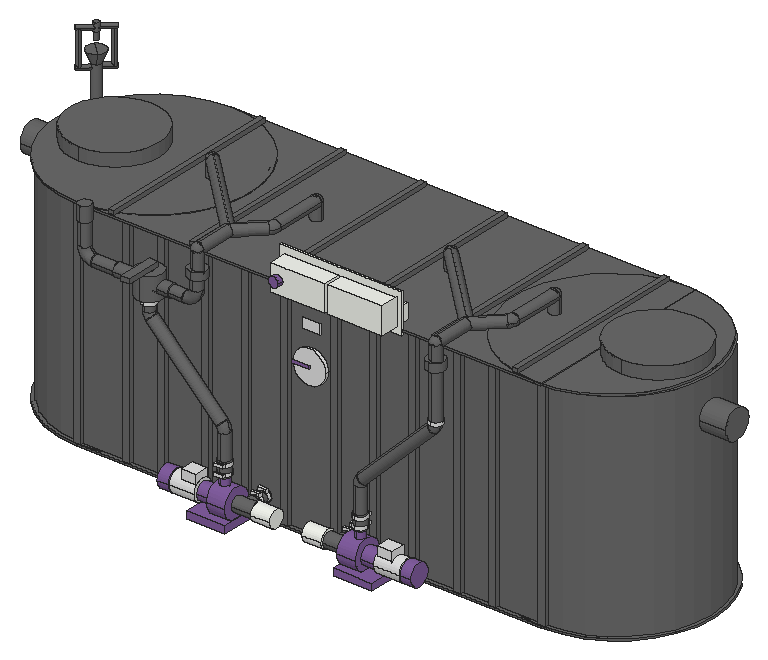
Revit family "93030.01_ms", category Generic Models, Revit 2021
Family settings
  Can host rebar = No
  Round Connector Dimension = Use Diameter
  Part Type = Normal
  Work Plane-Based = No
  Always vertical = Yes
  Cut with Voids When Loaded = No
  Shared = Yes
  Room Calculation Point = No
Parameters (values of type "93030.01_MS")
  SUPPLIER = "KESSEL"
  SA810ID03 = "93030.01/MS"
  SA71009ID06 = 3000 W
  SA71009ID05 = 3600 W
  SA71009ID04 = 2
  SA700ID17 = 1240 mm
  SA700ID14 = "ohne Angabe"
  SA700ID13 = 70 mm
  SA700ID09 = 1625 mm
  SA700ID08 = 1350 mm
  SA700ID07 = 4600 mm
  SA700ID06 = 3000
  SA700ID05 = 30
  SA700ID04 = "Grease separator EasyClean free NS 30, Mix & Pump"
  SA500ID03 = "Sludge trap, integrated"
  SA400ID03 = "PE (Polyethylen)"
  SA250ID03 = "temperierte Umhausung"
  SA200ID03 = "free-standing set-up"
  SA100ID04 = "Abscheideranlage für Fette (Schlammfang und Fettabscheider)"
  NN = "EasyClean free Mix & Pump grease separator"
  NBSYN = "$SA810ID03."
  NB = "93030.01/MS"
  Model = "93030.01/MS"
  Manufacturer = "KESSEL"
  MIdent = "{$CADENAS_DATA/23d-libs/kessel/kessel_vdi_import/40/abscheideranlage20fuer20fette/easyclean_free_mix_pump.prj},210 {STYP=ASS},{VTYP=3D},{NB=93030.01/MS},{LINA=93030.01/MS},{NN=EasyClean free Mix & Pump grease separator},{DATE=21.12.2022 12:04:43},{GEOMDATE=17.11.2022 09:57:07},{VERSION=},{LINEID=280},{WBVAR=},{WBNUMERIC=}  {NB=93030.01/MS},{LINA=93030.01/MS},{KT=DUMMY},{PREVIEW=../../bilder/pb_yy_9302001ms_7448.png},{SA700ID04=Fettabscheider EasyClean free NS 30, Mix & Pump},{SA810ID06=},{SA010ID04=KESSEL AG},{SA810ID03=93030.01/MS},{SA100ID04=Abscheideranlage für Fette (Schlammfang und Fettabscheider)},{SA200ID03=Freiaufstellung},{SA400ID03=PE (Polyethylen)},{SA500ID03=Schlammfang integriert},{SA700ID05=30.00},{SA700ID06=3000},{SA71009ID04=2},{SA71009ID05=3.60},{SA71009ID06=3.00},{SA250ID03=temperierte Umhausung},{SA700ID07=4600},{SA700ID09=1625},{SA700ID13=70},{SA700ID17=1240},{SA700ID08=1350},{SA810ID10=\\\"Der Abscheider für fetthaltiges Abwasser ist für die freie Aufstellung in frostgeschützten Räumen geeignetund verzichtet auf metallische Bauteile im Behälter. Der Sammelbehälter aus dauerhaft beständigem Kunststoff (PE) istmit einem integrierten Schlammfang ausgestattet und besitzt Schrägen im Behälterboden für eine schnelle und saubere Entsorgung. Zwei geruchsdichte Deckel mit Schnellspannverschlüssen ermöglichen einen einfachen Zugangfür Reinigungs- und Wartungsarbeiten.Das innovative Schredder-Mix-System mit integriertem Zerhacker übernimmt die Homogenisierung und Umwälzung des Behälterinhaltes. Die Reinigung und geruchsneutrale Entsorgung erfolgt dabei über eine außenliegende Pumpe mit 2-Wege-Ventil und Umschalthebel, die mit einem Absperrschieber vom Behälter getrennt werden kann.Die manuelle Steuerung erfolgt durch ein anwenderfreundliches Schaltgerät, das über einen potentialfreien Kontakt in die Gebäudeleittechnik eingebunden werden kann.Gewährleistung auf den Werkstoff PE 20 Jahre.Ausführung:Absperreinrichtung: jaEntsorgungsart: manuelles Entsorgungs- und ReinigungssystemEntsorgungseinrichtung: EntsorgungspumpeEntsorgungsvariante: Mix & PumpFülleinrichtung nach DIN 1988: jaNenngröße (NS): 30Schauglas: jaSchredder-Mix-System: jaSonicControl: neinWasserversorgung: 1 Schraubventil 1\\\"\\\"Tragfähigkeit (DIN 19901): F3Lieferumfang: Storz-B-Kupplung R 2 1/2 \\\"\\\" fürSaugwagenanschlussEinbausituation: freie AufstellungAllgemeine Merkmale:Material: PENorm: EN 1825: 2004, DIN 4040-100Abmessungen:Aufstellfläche Länge: 4.860 mmAufstellfläche Breite: 1.620 mmAufstellfläche Höhe: 1.655 mmEinbringmaß Länge: 4.600 mmEinbringmaß Breite: 1.350 mmEinbringmaß Höhe: 1.655 mmBehälter/Grundkörper:Zulauf Nennweite (DN): 250 mmZulauf Nennweite (DA): 250 mmAuslauf Nennweite (DN): 250Auslauf Nennweite (DA): 250Abstand Rohrsohle Zulauf zu Behälterboden: 1.240 mmAbstand Rohrsohle Auslauf zu Behälterboden: 1.170 mmAnschluss Zu-/Auslaufstutzen: PE-HD-Rohrenach DIN 19537, HT-Rohre nach DIN 19560, PP oder ASDruckabgang (DA): 75 mmDruckabgang (DN): 65 mmNenndruck (PN): 10Abdeckungsmerkmale:Abdeckungsart: DeckelAbdeckung Material: KunststoffAbdeckung Farbe: schwarzDichtheit: geruchsdichtVerriegelung: SchnellspannverschlussAbwasserinhalt:Abscheiderinhalt: 2.650 lGesamtvolumen: 5.650 lSchlammfanginhalt: 3.500 lSpeichermenge an Fett: 1.200 lFördereinrichtung:Pumpe: SPF 300 KE 2.0Anzahl Pumpen: 2Förderhöhe max.: 17 mFörderleistung max.: 60 m3/hBetriebsspannung: 400 VNetzfrequenz: 50 HzBetriebsart: S2 - 30 Min.Leistung P1: 3,6 kWLeistung P2: 3 kWDrehzahl: 2.850 U/minErforderliche Absicherung (Leitungsschutz):Absicherung über Schaltgerät 400 VFörderguttemperatur (dauerhaft) max.: 40 °CAnschlusstyp: DirektanschlussGewicht: 44 kgLaufrad Typ: Radiallaufrad mit ZerhackerLänge Netzanschlussleitung Pumpe: 5 mNennstrom: 6,2 ASchutzart Pumpe: IP 55Schutzklasse: ITyp Anschlussleitung Pumpe: H07RN-F 7G 1,5 mm2Temperaturüberwachung: integriertSteuerung:Schaltgerät: jaBetriebsspannung: 400 VNetzfrequenz: 50 HzSelbstdiagnosesystem (SDS): jaBatteriepufferung: neinMehrzeilige Displayanzeige: neinLogbuchfunktion: neinUSB-Schnittstelle: neinGSM-Schnittstelle: neinPotentialfreier Kontakt: jaErforderliche Absicherung (Leitungsschutz):3 x C 16 AErforderliche Absicherung (RCD): 30 mAMotorschutz Schalter: jaSchutzart Schaltgerät: IP 54\\\"},{SA700ID14=ohne Angabe},{LODLEVEL=0},{CATEGORY3AA=EasyClean free Auto Mix & Pump},{CATEGORY3AB=EasyClean free Mix & Pump},{CATEGORY3AC=},{CATEGORY3AD=},{CATEGORY3AE=},{CATEGORY3AF=},{BEZEICHNUNG=},{BREITE=0.0},{TIEFE=MIN},{HOEHE=MIN},{MASSE=MIN},{LOD_=0,'Low'},{LOD_DEU=0,'Low'},{LOD_3DB=93030.01/MS_0},{DNIN1=250},{DNIN2=10},{DNIN3=10},{DNIN4=10},{DNIN5=10},{DNIN6=10},{DNIN7=10},{DNOUT1=250},{DNOUT2=MIN},{ISD=100},{ISD2=10},{SA960ID03=107},{SA960ID04=3L},{SA960ID08=http://www.kessel.de/info?han=93030.01/MS},{SA010ID01=010},{SA010ID02=40},{SA010ID06=www.kessel.de},{SA010ID08=4026092000007},{SA100ID01=100},{SA100ID02=1},{SA740ID01=740},{SA200ID01=200},{SA200ID02=1},{SA250ID01=250},{SA250ID02=1},{SA400ID01=400},{SA400ID02=1},{SA500ID01=500},{SA500ID02=1},{SA700ID01=700},{SA700ID02=107},{SA700ID14_=0},{SA71009ID01=710.09},{SA71009ID02=1},{SA71009ID03=SPF 300 KE 2.0},{SA71009ID07=IP55},{SA71009ID08=1},{SA71009ID09=1},{SA71009ID10=60},{SA71009ID11=17},{SA810ID01=810},{SA810ID02=107},{SA810ID04=93030.01/MS},{SA810ID07=107},{SA810ID14=PCE},{LINK=http://www.kessel.de/info?han=93030.01/MS},{LINK_=http://www.kessel.de/info?han=93030.01/MS},{LINK_DEU=http://www.kessel.de/info?han=93030.01/MS},{LODLEVELVIS=Low}"
  LINK = "http://www.kessel.de/info?han=93030.01/MS"
  LINA = "93030.01/MS"
  Default Elevation = 0 mm
  CREATOR = "CADENAS GmbH"
  CATALOG = "KESSEL"
  BOMINFO = "LINA"
  ARTICLENO = "NB"
Reference planes
  plane 1 "Center (Front/Back)": y = 0
  plane 2: z = 0
  plane 3 "Center (Left/Right)": x = 0
Forms (mm)
  Extrusion 1, void
    sketch origin (385, 1769.7, 0) x (0, -0.57735, 0.816496) y (-1, 0, 0)
      loop
        line (-0.5, -0.5) -> (0.5, -0.5) -> (0.5, 0.5) -> (-0.5, 0.5) -> (-0.5, -0.5)
    from 0 to 1
Dimensions and locks
  aligned and locked: level to plane 2
Nested families
  nested 1: "93030.01_ms_content" at (0, 0, 0), type "93030.01_MS_Content"
  nested 2: "93030.01_ms_part1_X0Y0" at (0, 0, 0), type "93030.01_MS_PART1_X0Y0"
Connectors
  piping at (-2480, 0, 1340), diameter 250
    settings: on nested 2, index 1, connector inside diameter 609.6 mm, connector length 0 mm, flow factor 0, pipe flow 0.0 L/s, pressure drop 0.0 Pa, fitting loss kfactor 0, connector angle 0.00°, fixture units 0, engagement length 0 mm, angle of deflection 0.00°, flow configuration 0, flow direction 1, fitting loss method 2, system type 8, joint type 0, gender type 0, connector reference index -1, connector utility 0, adjustable connector no, is connector primary yes, connector description ""
  piping at (-2336, 385, 1940.25), diameter 10
    settings: on nested 2, index 2, connector inside diameter 609.6 mm, connector length 0 mm, flow factor 0, pipe flow 0.0 L/s, pressure drop 0.0 Pa, fitting loss kfactor 0, connector angle 0.00°, fixture units 0, engagement length 0 mm, angle of deflection 0.00°, flow configuration 0, flow direction 1, fitting loss method 2, system type 8, joint type 0, gender type 0, connector reference index -1, connector utility 0, adjustable connector no, is connector primary no, connector description ""
  piping at (385, 1769.7, 0), diameter 10
    settings: on Extrusion 1, index 3, connector inside diameter 609.6 mm, connector length 0 mm, flow factor 0, pipe flow 0.0 L/s, pressure drop 0.0 Pa, fitting loss kfactor 0, connector angle 0.00°, fixture units 0, engagement length 0 mm, angle of deflection 0.00°, flow configuration 0, flow direction 1, fitting loss method 2, system type 8, joint type 0, gender type 0, connector reference index -1, connector utility 0, adjustable connector no, is connector primary no, connector description ""
  piping at (2453.5, 0, 1270), diameter 250
    settings: on nested 2, index 4, connector inside diameter 609.6 mm, connector length 0 mm, flow factor 0, pipe flow 0.0 L/s, pressure drop 0.0 Pa, fitting loss kfactor 0, connector angle 0.00°, fixture units 0, engagement length 0 mm, angle of deflection 0.00°, flow configuration 0, flow direction 2, fitting loss method 2, system type 7, joint type 0, gender type 0, connector reference index -1, connector utility 0, adjustable connector no, is connector primary no, connector description ""
  electrical at (686.853, -819.5, 248.5)
    settings: on nested 2, index 5, voltage 0 V, apparent load 0 VA, apparent load phase1 0 VA, apparent load phase2 0 VA, apparent load phase3 0 VA, power factor 1, load classification "Other", number of poles 1, system type 31, power factor state 1, is connector primary yes, connector utility no, sub classification motor no, connector description ""
  electrical at (-686.503, -820.5, 248.5)
    settings: on nested 2, index 6, voltage 0 V, apparent load 0 VA, apparent load phase1 0 VA, apparent load phase2 0 VA, apparent load phase3 0 VA, power factor 1, load classification "Other", number of poles 1, system type 31, power factor state 1, is connector primary no, connector utility no, sub classification motor no, connector description ""
Definition of nested family "93030.01_ms_part1_X0Y0"
  Parameters (values of type "93030.01_MS_PART1_X0Y0")
    SUPPLIER = "KESSEL"
    SA810ID03 = "93030.01/MS"
    SA71009ID06 = 3000 W
    SA71009ID05 = 3600 W
    SA71009ID04 = 2
    SA700ID17 = 1240 mm
    SA700ID14 = "ohne Angabe"
    SA700ID13 = 70 mm
    SA700ID09 = 1625 mm
    SA700ID08 = 1350 mm
    SA700ID07 = 4600 mm
    SA700ID06 = 3000
    SA700ID05 = 30
    SA700ID04 = "Grease separator EasyClean free NS 30, Mix & Pump"
    SA500ID03 = "Sludge trap, integrated"
    SA400ID03 = "PE (Polyethylen)"
    SA250ID03 = "temperierte Umhausung"
    SA200ID03 = "free-standing set-up"
    SA100ID04 = "Abscheideranlage für Fette (Schlammfang und Fettabscheider)"
    NBSYN = "$SA810ID03._PART1"
    NB = "93030.01/MS_PART1"
    Model = "93030.01/MS_PART1"
    Manufacturer = "KESSEL"
    MIdent = "{$CADENAS_DATA/23d-libs/kessel/kessel_vdi_import/40/abscheideranlage20fuer20fette/easyclean_free_mix_pump.prj},230 {VTYP=3D},{NB=93030.01/MS_PART1},{LINA=93030.01/MS_PART1},{NN=EasyClean free Mix & Pump grease separator_PART1},{NOPRJ=TRUE},{DATE=21.12.2022 12:04:43},{GEOMDATE=17.11.2022 09:57:07},{VERSION=},{LINEID=280},{WBVAR=},{WBNUMERIC=}  {NB=93030.01/MS_PART1},{LINA=93030.01/MS_PART1},{KT=DUMMY},{PREVIEW=../../bilder/pb_yy_9302001ms_7448.png},{SA700ID04=Fettabscheider EasyClean free NS 30, Mix & Pump},{SA810ID06=},{SA010ID04=KESSEL AG},{SA810ID03=93030.01/MS},{SA100ID04=Abscheideranlage für Fette (Schlammfang und Fettabscheider)},{SA200ID03=Freiaufstellung},{SA400ID03=PE (Polyethylen)},{SA500ID03=Schlammfang integriert},{SA700ID05=30.00},{SA700ID06=3000},{SA71009ID04=2},{SA71009ID05=3.60},{SA71009ID06=3.00},{SA250ID03=temperierte Umhausung},{SA700ID07=4600},{SA700ID09=1625},{SA700ID13=70},{SA700ID17=1240},{SA700ID08=1350},{SA810ID10=\\\"Der Abscheider für fetthaltiges Abwasser ist für die freie Aufstellung in frostgeschützten Räumen geeignetund verzichtet auf metallische Bauteile im Behälter. Der Sammelbehälter aus dauerhaft beständigem Kunststoff (PE) istmit einem integrierten Schlammfang ausgestattet und besitzt Schrägen im Behälterboden für eine schnelle und saubere Entsorgung. Zwei geruchsdichte Deckel mit Schnellspannverschlüssen ermöglichen einen einfachen Zugangfür Reinigungs- und Wartungsarbeiten.Das innovative Schredder-Mix-System mit integriertem Zerhacker übernimmt die Homogenisierung und Umwälzung des Behälterinhaltes. Die Reinigung und geruchsneutrale Entsorgung erfolgt dabei über eine außenliegende Pumpe mit 2-Wege-Ventil und Umschalthebel, die mit einem Absperrschieber vom Behälter getrennt werden kann.Die manuelle Steuerung erfolgt durch ein anwenderfreundliches Schaltgerät, das über einen potentialfreien Kontakt in die Gebäudeleittechnik eingebunden werden kann.Gewährleistung auf den Werkstoff PE 20 Jahre.Ausführung:Absperreinrichtung: jaEntsorgungsart: manuelles Entsorgungs- und ReinigungssystemEntsorgungseinrichtung: EntsorgungspumpeEntsorgungsvariante: Mix & PumpFülleinrichtung nach DIN 1988: jaNenngröße (NS): 30Schauglas: jaSchredder-Mix-System: jaSonicControl: neinWasserversorgung: 1 Schraubventil 1\\\"\\\"Tragfähigkeit (DIN 19901): F3Lieferumfang: Storz-B-Kupplung R 2 1/2 \\\"\\\" fürSaugwagenanschlussEinbausituation: freie AufstellungAllgemeine Merkmale:Material: PENorm: EN 1825: 2004, DIN 4040-100Abmessungen:Aufstellfläche Länge: 4.860 mmAufstellfläche Breite: 1.620 mmAufstellfläche Höhe: 1.655 mmEinbringmaß Länge: 4.600 mmEinbringmaß Breite: 1.350 mmEinbringmaß Höhe: 1.655 mmBehälter/Grundkörper:Zulauf Nennweite (DN): 250 mmZulauf Nennweite (DA): 250 mmAuslauf Nennweite (DN): 250Auslauf Nennweite (DA): 250Abstand Rohrsohle Zulauf zu Behälterboden: 1.240 mmAbstand Rohrsohle Auslauf zu Behälterboden: 1.170 mmAnschluss Zu-/Auslaufstutzen: PE-HD-Rohrenach DIN 19537, HT-Rohre nach DIN 19560, PP oder ASDruckabgang (DA): 75 mmDruckabgang (DN): 65 mmNenndruck (PN): 10Abdeckungsmerkmale:Abdeckungsart: DeckelAbdeckung Material: KunststoffAbdeckung Farbe: schwarzDichtheit: geruchsdichtVerriegelung: SchnellspannverschlussAbwasserinhalt:Abscheiderinhalt: 2.650 lGesamtvolumen: 5.650 lSchlammfanginhalt: 3.500 lSpeichermenge an Fett: 1.200 lFördereinrichtung:Pumpe: SPF 300 KE 2.0Anzahl Pumpen: 2Förderhöhe max.: 17 mFörderleistung max.: 60 m3/hBetriebsspannung: 400 VNetzfrequenz: 50 HzBetriebsart: S2 - 30 Min.Leistung P1: 3,6 kWLeistung P2: 3 kWDrehzahl: 2.850 U/minErforderliche Absicherung (Leitungsschutz):Absicherung über Schaltgerät 400 VFörderguttemperatur (dauerhaft) max.: 40 °CAnschlusstyp: DirektanschlussGewicht: 44 kgLaufrad Typ: Radiallaufrad mit ZerhackerLänge Netzanschlussleitung Pumpe: 5 mNennstrom: 6,2 ASchutzart Pumpe: IP 55Schutzklasse: ITyp Anschlussleitung Pumpe: H07RN-F 7G 1,5 mm2Temperaturüberwachung: integriertSteuerung:Schaltgerät: jaBetriebsspannung: 400 VNetzfrequenz: 50 HzSelbstdiagnosesystem (SDS): jaBatteriepufferung: neinMehrzeilige Displayanzeige: neinLogbuchfunktion: neinUSB-Schnittstelle: neinGSM-Schnittstelle: neinPotentialfreier Kontakt: jaErforderliche Absicherung (Leitungsschutz):3 x C 16 AErforderliche Absicherung (RCD): 30 mAMotorschutz Schalter: jaSchutzart Schaltgerät: IP 54\\\"},{SA700ID14=ohne Angabe},{LODLEVEL=0},{CATEGORY3AA=EasyClean free Auto Mix & Pump},{CATEGORY3AB=EasyClean free Mix & Pump},{CATEGORY3AC=},{CATEGORY3AD=},{CATEGORY3AE=},{CATEGORY3AF=},{BEZEICHNUNG=},{BREITE=0.0},{TIEFE=MIN},{HOEHE=MIN},{MASSE=MIN},{LOD_=0,'Low'},{LOD_DEU=0,'Low'},{LOD_3DB=93030.01/MS_0},{DNIN1=250},{DNIN2=10},{DNIN3=10},{DNIN4=10},{DNIN5=10},{DNIN6=10},{DNIN7=10},{DNOUT1=250},{DNOUT2=MIN},{ISD=100},{ISD2=10},{SA960ID03=107},{SA960ID04=3L},{SA960ID08=http://www.kessel.de/info?han=93030.01/MS},{SA010ID01=010},{SA010ID02=40},{SA010ID06=www.kessel.de},{SA010ID08=4026092000007},{SA100ID01=100},{SA100ID02=1},{SA740ID01=740},{SA200ID01=200},{SA200ID02=1},{SA250ID01=250},{SA250ID02=1},{SA400ID01=400},{SA400ID02=1},{SA500ID01=500},{SA500ID02=1},{SA700ID01=700},{SA700ID02=107},{SA700ID14_=0},{SA71009ID01=710.09},{SA71009ID02=1},{SA71009ID03=SPF 300 KE 2.0},{SA71009ID07=IP55},{SA71009ID08=1},{SA71009ID09=1},{SA71009ID10=60},{SA71009ID11=17},{SA810ID01=810},{SA810ID02=107},{SA810ID04=93030.01/MS},{SA810ID07=107},{SA810ID14=PCE},{LINK=http://www.kessel.de/info?han=93030.01/MS},{LINK_=http://www.kessel.de/info?han=93030.01/MS},{LINK_DEU=http://www.kessel.de/info?han=93030.01/MS},{LODLEVELVIS=Low}"
    LINK = "http://www.kessel.de/info?han=93030.01/MS"
    LINA = "93030.01/MS_PART1"
    Default Elevation = 1219.2 mm
    CREATOR = "CADENAS GmbH"
    CATALOG = "KESSEL"
    BOMINFO = "LINA"
    ARTICLENO = "NB"
  Reference planes
    plane 1 "Center (Front/Back)": y = 0
    plane 2: z = 0
    plane 3 "Center (Left/Right)": x = 0
  Dimensions and locks
    aligned and locked: level to plane 2
  Nested families
    nested 1: "93030.01_ms_part1_content" at (0, 0, 0), type "93030.01_MS_PART1_Content"
  Definition of nested family "93030.01_ms_part1_content"
    Parameters (values of type "93030.01_MS_PART1_Content")
      SUPPLIER = "KESSEL"
      SA810ID03 = "93030.01/MS"
      SA71009ID06 = 3000 W
      SA71009ID05 = 3600 W
      SA71009ID04 = 2
      SA700ID17 = 1240 mm
      SA700ID14 = "ohne Angabe"
      SA700ID13 = 70 mm
      SA700ID09 = 1625 mm
      SA700ID08 = 1350 mm
      SA700ID07 = 4600 mm
      SA700ID06 = 3000
      SA700ID05 = 30
      SA700ID04 = "Grease separator EasyClean free NS 30, Mix & Pump"
      SA500ID03 = "Sludge trap, integrated"
      SA400ID03 = "PE (Polyethylen)"
      SA250ID03 = "temperierte Umhausung"
      SA200ID03 = "free-standing set-up"
      SA100ID04 = "Abscheideranlage für Fette (Schlammfang und Fettabscheider)"
      NBSYN = "$SA810ID03._PART1"
      NB = "93030.01/MS_PART1"
      Model = "93030.01/MS_PART1"
      Manufacturer = "KESSEL"
      LINK = "http://www.kessel.de/info?han=93030.01/MS"
      LINA = "93030.01/MS_PART1"
      Default Elevation = 1219.2 mm
      CREATOR = "CADENAS GmbH"
      CATALOG = "KESSEL"
      BOMINFO = "LINA"
      ARTICLENO = "NB"
    Reference planes
      plane 1 "Center (Front/Back)": y = 0
      plane 2: z = 0
      plane 3 "Center (Left/Right)": x = 0
    Forms (mm)
      Extrusion 1, solid, detail levels medium+fine
        sketch origin (1625, 675, 0) x (0, -1, 0) y (0, 0, 1)
          loop
            line (0, 12) -> (0, 0) -> (1350, 0) -> (1350, 12) -> (0, 12)
        from 0 to 3250
      Extrusion 2, solid, detail levels medium+fine
        sketch origin (1625, 650, 12) x (0, -1, 0) y (0, 0, 1)
          loop
            line (0, 1503) -> (0, 0) -> (1300, 0) -> (1300, 1503) -> (0, 1503)
        from 0 to 3250
      Extrusion 3, solid, detail levels medium+fine
        sketch origin (150, -675, 12) x (0, 1, 0) y (0, 0, 1)
          loop
            line (0, 1503) -> (0, 0) -> (25, 0) -> (25, 1503) -> (0, 1503)
        from 0 to 50
      Extrusion 4, solid, detail levels medium+fine
        sketch origin (150, 650, 12) x (0, 1, 0) y (0, 0, 1)
          loop
            line (0, 1503) -> (0, 0) -> (25, 0) -> (25, 1503) -> (0, 1503)
        from 0 to 50
      Extrusion 5, solid, detail levels medium+fine
        sketch origin (-150, 675, 12) x (0, -1, 0) y (0, 0, 1)
          loop
            line (0, 1503) -> (0, 0) -> (25, 0) -> (25, 1503) -> (0, 1503)
        from 0 to 50
      Extrusion 6, solid, detail levels medium+fine
        sketch origin (-150, -650, 12) x (0, -1, 0) y (0, 0, 1)
          loop
            line (0, 1503) -> (0, 0) -> (25, 0) -> (25, 1503) -> (0, 1503)
        from 0 to 50
      Extrusion 7, solid, detail levels medium+fine
        sketch origin (0, -650, 1060) x (1, 0, 0) y (0, 0, 1)
          loop
            circle (0, 0) r 115
        from 0 to 20
      Extrusion 8, solid, detail levels medium+fine
        sketch origin (0, -670, 1050) x (0, -1, 0) y (0, 0, 1)
          loop
            line (0, 20) -> (0, 0) -> (5, 0) -> (5, 20) -> (0, 20)
        from 0 to 117
      Extrusion 9, solid, detail levels medium+fine
        sketch origin (1625, 675, 1515) x (0, -1, 0) y (0, 0, 1)
          loop
            line (0, 12) -> (0, 0) -> (1350, 0) -> (1350, 12) -> (0, 12)
        from 0 to 3250
      Extrusion 10, solid, detail levels medium+fine
        sketch origin (-282.5, -660, 1552) x (1, 0, 0) y (0, -1, 0)
          loop
            line (35, 0) -> (0, 0) -> (0, -1320) -> (35, -1320) -> (35, 0)
        from 0 to 35
      Extrusion 11, solid, detail levels medium+fine
        sketch origin (282.5, -660, 1552) x (1, 0, 0) y (0, -1, 0)
          loop
            line (35, 0) -> (0, 0) -> (0, -1320) -> (35, -1320) -> (35, 0)
        from 0 to 35
      Revolve 12, solid, detail levels medium+fine
        sketch origin (440.5, 15.15, 1633) x (-1, 0, 0) y (0, 0, -1)
          loop
            line (0, 150) -> (0, -37.5)
            arc (0, -37.5) -> (26.517, -26.517) -> (37.5, 0) r 37.5
            line (37.5, 0) -> (37.5, 150) -> (0, 150)
          axis (0, -37.5) -> (0, 150)
        angle from -360 to 0
      Extrusion 13, solid, detail levels medium+fine
        sketch origin (1002.603, -549, 1633) x (0, 0, 1) y (0.707107, 0.707107, 0)
          loop
            circle (0, 0) r 37.5
        from 0 to 795
      Extrusion 14, solid, detail levels medium+fine
        sketch origin (591, -663, 1485) x (0, 1, 0) y (0, 0, 1)
          loop
            line (0, 145) -> (0, 0) -> (100, 0) -> (100, 145) -> (0, 145)
        from 0 to 12
      Extrusion 15, solid, detail levels medium+fine
        sketch origin (650, -663, 1485) x (0, -1, 0) y (0, 0, 1)
          loop
            line (0, 280) -> (0, 0) -> (15, 0) -> (15, 280) -> (0, 280)
        from 0 to 849.2
      Extrusion 16, solid, detail levels medium+fine
        sketch origin (212, -675, 1533) x (0, -1, 0) y (0, 0, 1)
          loop
            line (0, 183) -> (0, 0) -> (129.5, 0) -> (129.5, 183) -> (0, 183)
        from 0 to 378
      Extrusion 17, solid, detail levels medium+fine
        sketch origin (-82, -742.5, 1511) x (0, 1, 0) y (-1, 0, 0)
          loop
            circle (0, 0) r 15
        from 0 to 22
      Extrusion 18, solid, detail levels medium+fine
        sketch origin (-115.998, -804.5, 1624.5) x (1, 0, 0) y (0, 0, 1)
          loop
            circle (0, 0) r 33.5
        from 0 to 36
      Extrusion 19, solid, detail levels medium+fine
        sketch origin (-127, -742.5, 1511) x (0, 1, 0) y (-1, 0, 0)
          loop
            circle (0, 0) r 15
        from 0 to 22
      Extrusion 20, solid, detail levels medium+fine
        sketch origin (616, -675, 1533) x (0, -1, 0) y (0, 0, 1)
          loop
            line (0, 183) -> (0, 0) -> (129.5, 0) -> (129.5, 183) -> (0, 183)
        from 0 to 378
      Extrusion 21, solid, detail levels medium+fine
        sketch origin (-141, -663, 1485) x (0, 1, 0) y (0, 0, 1)
          loop
            line (0, 145) -> (0, 0) -> (100, 0) -> (100, 145) -> (0, 145)
        from 0 to 12
      Extrusion 22, solid, detail levels medium+fine
        sketch origin (1002.603, -549, 1633) x (0, 0, 1) y (0.707107, -0.707107, 0)
          loop
            circle (0, 0) r 37.5
        from 0 to 219
      Revolve 23, solid, detail levels medium+fine
        sketch origin (1157.4, -394.15, 1633) x (-0.707107, 0.707107, 0) y (0, 0, 1)
          loop
            circle (0, 0) r 37
          axis (60, 0) -> (60, -1)
        angle from -45 to 0
      Extrusion 24, solid, detail levels medium+fine
        sketch origin (1002.603, -820, 1633) x (0, 0, -1) y (-1, 0, 0)
          loop
            circle (0, 0) r 37.5
        from 0 to 271
      Revolve 25, solid, detail levels medium+fine
        sketch origin (1002.5, -820, 1633) x (0, -1, 0) y (1, 0, 0)
          loop
            line (0, 37.5) -> (0, -37.5)
            arc (0, -37.5) -> (37.5, 0) -> (0, 37.5) r 37.5
          axis (0, -37.5) -> (0, 37.5)
        angle from -360 to 0
      Extrusion 26, solid, detail levels medium+fine
        sketch origin (1002.5, -820, 1137.3) x (0, -1, 0) y (1, 0, 0)
          loop
            circle (0, 0) r 37.5
        from 0 to 495.7
      Extrusion 27, solid, detail levels medium+fine
        sketch origin (1002.5, -820, 1474.603) x (0, -1, 0) y (1, 0, 0)
          loop
            circle (0, 0) r 60
        from 0 to 55
      Extrusion 28, solid, detail levels medium+fine
        sketch origin (1002.5, -820, 1129.853) x (0, -1, 0) y (1, 0, 0)
          loop
            circle (0, 0) r 45
        from 0 to 20
      Revolve 29, solid, detail levels medium+fine
        sketch origin (984.926, -820, 1094.926) x (-0.707107, 0, 0.707107) y (0, -1, 0)
          loop
            circle (0, 0) r 37.5
          axis (60, 0) -> (60, -1)
        angle from -45 to 0
      Extrusion 30, solid, detail levels medium+fine
        sketch origin (492.427, -820, 602.426) x (0.5, 0.707107, -0.5) y (-0.5, 0.707107, 0.5)
          loop
            circle (0, 0) r 37.5
        from 0 to 696.5
      Revolve 31, solid, detail levels medium+fine
        sketch origin (474.853, -820, 560) x (1, 0, 0) y (0, 1, 0)
          loop
            circle (0, 0) r 37.5
          axis (60, 0) -> (60, -1)
        angle from -45 to 0
      Extrusion 32, solid, detail levels medium+fine
        sketch origin (474.853, -820, 384) x (0, -1, 0) y (1, 0, 0)
          loop
            circle (0, 0) r 37.5
        from 0 to 176
      Extrusion 33, solid, detail levels medium+fine
        sketch origin (474.853, -820, 284) x (0, -1, 0) y (1, 0, 0)
          loop
            circle (0, 0) r 42
        from 0 to 100
      Extrusion 34, solid, detail levels medium+fine
        sketch origin (474.853, -820, 294) x (0, -1, 0) y (1, 0, 0)
          loop
            circle (0, 0) r 45
        from 0 to 20
      Extrusion 35, solid, detail levels medium+fine
        sketch origin (474.853, -820, 354) x (0, -1, 0) y (1, 0, 0)
          loop
            circle (0, 0) r 45
        from 0 to 20
      Extrusion 36, solid, detail levels medium+fine
        sketch origin (504.853, -789, 314) x (0, 0, -1) y (-1, 0, 0)
          loop
            line (0, 60) -> (0, 0) -> (20, 0) -> (20, 60) -> (0, 60)
        from 0 to 25
      Extrusion 37, solid, detail levels medium+fine
        sketch origin (504.853, -789, 374) x (0, 0, -1) y (-1, 0, 0)
          loop
            line (0, 60) -> (0, 0) -> (20, 0) -> (20, 60) -> (0, 60)
        from 0 to 25
      Extrusion 38, solid, detail levels medium+fine
        sketch origin (474.853, -820, 284) x (1, 0, 0) y (0, -1, 0)
          loop
            circle (0, 0) r 31.5
        from 0 to 149
      Extrusion 39, solid, detail levels medium+fine
        sketch origin (521.853, -820, 135) x (0, -1, 0) y (0, 0, 1)
          loop
            circle (0, 0) r 101
        from 0 to 129.5
      Extrusion 40, solid, detail levels medium+fine
        sketch origin (626.853, -820, 135) x (0, -1, 0) y (0, 0, 1)
          loop
            circle (0, 0) r 60
        from 0 to 105
      Extrusion 41, solid, detail levels medium+fine
        sketch origin (377.353, -934, 0) x (0, 1, 0) y (0, 0, 1)
          loop
            line (0, 48) -> (0, 0) -> (230, 0) -> (230, 48) -> (0, 48)
        from 0 to 272
      Extrusion 42, solid, detail levels medium+fine
        sketch origin (393.353, -820, 135) x (0, -1, 0) y (0, 0, 1)
          loop
            circle (0, 0) r 50
        from 0 to 145.5
      Extrusion 43, solid, detail levels medium+fine
        sketch origin (319.753, -624, 135) x (1, 0, 0) y (0, 0, 1)
          loop
            circle (0, 0) r 40
        from 0 to 196
      Extrusion 44, solid, detail levels medium+fine
        sketch origin (319.753, -741.5, 135) x (0, 0, -1) y (-1, 0, 0)
          loop
            circle (0, 0) r 45
        from 0 to 20
      Extrusion 45, solid, detail levels medium+fine
        sketch origin (319.753, -751.5, 135) x (0, 0, -1) y (-1, 0, 0)
          loop
            circle (0, 0) r 42
        from 0 to 100
      Extrusion 46, solid, detail levels medium+fine
        sketch origin (319.753, -681.5, 135) x (0, 0, -1) y (-1, 0, 0)
          loop
            circle (0, 0) r 45
        from 0 to 20
      Extrusion 47, solid, detail levels medium+fine
        sketch origin (289.753, -721.5, 166) x (0, -1, 0) y (1, 0, 0)
          loop
            line (0, 60) -> (0, 0) -> (20, 0) -> (20, 60) -> (0, 60)
        from 0 to 25
      Extrusion 48, solid, detail levels medium+fine
        sketch origin (289.753, -661.5, 166) x (0, -1, 0) y (1, 0, 0)
          loop
            line (0, 60) -> (0, 0) -> (20, 0) -> (20, 60) -> (0, 60)
        from 0 to 25
      Extrusion 49, solid, detail levels medium+fine
        sketch origin (247.853, -820, 135) x (0, -1, 0) y (0, 0, 1)
          loop
            circle (0, 0) r 58.5
        from 0 to 135.5
      Extrusion 50, solid, detail levels medium+fine
        sketch origin (807.853, -820, 135) x (0, -1, 0) y (0, 0, 1)
          loop
            circle (0, 0) r 73.5
        from 0 to 181
      Extrusion 51, solid, detail levels medium+fine
        sketch origin (736.853, -769.5, 188.5) x (0, -1, 0) y (0, 0, 1)
          loop
            line (0, -10) -> (100, -10) -> (100, 60) -> (0, 60) -> (0, -10)
        from 0 to 100
      Extrusion 52, solid, detail levels medium+fine
        sketch origin (887.853, -820, 135) x (0, -1, 0) y (0, 0, 1)
          loop
            circle (0, 0) r 73.6
        from 0 to 80
      Revolve 53, solid, detail levels medium+fine
        sketch origin (-492.2, 1, 1633) x (-1, 0, 0) y (0, 0, -1)
          loop
            line (0, 150) -> (0, -37.5)
            arc (0, -37.5) -> (26.517, -26.517) -> (37.5, 0) r 37.5
            line (37.5, 0) -> (37.5, 150) -> (0, 150)
          axis (0, -37.5) -> (0, 150)
        angle from -360 to 0
      Extrusion 54, solid, detail levels medium+fine
        sketch origin (-492.25, -351.75, 1633) x (-1, -0.000001, 0) y (0, 0, 1)
          loop
            circle (0, 0) r 37.5
        from 0 to 351.75
      Extrusion 55, solid, detail levels medium+fine
        sketch origin (-425, 675, 12) x (0, -1, 0) y (0, 0, 1)
          loop
            line (0, 1503) -> (0, 0) -> (25, 0) -> (25, 1503) -> (0, 1503)
        from 0 to 50
      Extrusion 56, solid, detail levels medium+fine
        sketch origin (425, -675, 12) x (0, 1, 0) y (0, 0, 1)
          loop
            line (0, 1503) -> (0, 0) -> (25, 0) -> (25, 1503) -> (0, 1503)
        from 0 to 50
      Extrusion 57, solid, detail levels medium+fine
        sketch origin (425, 650, 12) x (0, 1, 0) y (0, 0, 1)
          loop
            line (0, 1503) -> (0, 0) -> (25, 0) -> (25, 1503) -> (0, 1503)
        from 0 to 50
      Extrusion 58, solid, detail levels medium+fine
        sketch origin (-425, -648, 12) x (0, -1, 0) y (0, 0, 1)
          loop
            line (0, 1503) -> (0, 0) -> (25, 0) -> (25, 1503) -> (0, 1503)
        from 0 to 50
      Extrusion 59, solid, detail levels medium+fine
        sketch origin (-847.5, -660, 1552) x (1, 0, 0) y (0, -1, 0)
          loop
            line (35, 0) -> (0, 0) -> (0, -1320) -> (35, -1320) -> (35, 0)
        from 0 to 35
      Extrusion 60, solid, detail levels medium+fine
        sketch origin (-60, -655, 1275) x (0, 1, 0) y (0, 0, 1)
          loop
            line (0, 70) -> (0, 0) -> (5, 0) -> (5, 70) -> (0, 70)
        from 0 to 120
      Extrusion 61, solid, detail levels medium+fine
        sketch origin (847.5, -660, 1552) x (1, 0, 0) y (0, -1, 0)
          loop
            line (35, 0) -> (0, 0) -> (0, -1320) -> (35, -1320) -> (35, 0)
        from 0 to 35
      Extrusion 62, solid, detail levels medium+fine
        sketch origin (-700, 675, 12) x (0, -1, 0) y (0, 0, 1)
          loop
            line (0, 1503) -> (0, 0) -> (25, 0) -> (25, 1503) -> (0, 1503)
        from 0 to 50
      Extrusion 63, solid, detail levels medium+fine
        sketch origin (700, -675, 12) x (0, 1, 0) y (0, 0, 1)
          loop
            line (0, 1503) -> (0, 0) -> (25, 0) -> (25, 1503) -> (0, 1503)
        from 0 to 50
      Extrusion 64, solid, detail levels medium+fine
        sketch origin (700, 650, 12) x (0, 1, 0) y (0, 0, 1)
          loop
            line (0, 1503) -> (0, 0) -> (25, 0) -> (25, 1503) -> (0, 1503)
        from 0 to 50
      Extrusion 65, solid, detail levels medium+fine
        sketch origin (-700, -650, 12) x (0, -1, 0) y (0, 0, 1)
          loop
            line (0, 1503) -> (0, 0) -> (25, 0) -> (25, 1503) -> (0, 1503)
        from 0 to 50
      Extrusion 66, solid, detail levels medium+fine
        sketch origin (-325.753, -820, 135) x (-1, 0, 0) y (0, 0, 1)
          loop
            circle (0, 0) r 40
        from 0 to 196
      Extrusion 67, solid, detail levels medium+fine
        sketch origin (-325.753, -721.5, 135) x (0, 0, -1) y (1, 0, 0)
          loop
            circle (0, 0) r 45
        from 0 to 20
      Extrusion 68, solid, detail levels medium+fine
        sketch origin (-325.753, -651.5, 135) x (0, 0, -1) y (1, 0, 0)
          loop
            circle (0, 0) r 42
        from 0 to 100
      Extrusion 69, solid, detail levels medium+fine
        sketch origin (-325.753, -661.5, 135) x (0, 0, -1) y (1, 0, 0)
          loop
            circle (0, 0) r 45
        from 0 to 20
      Extrusion 70, solid, detail levels medium+fine
        sketch origin (-295.753, -681.5, 166) x (0, 1, 0) y (-1, 0, 0)
          loop
            line (0, 60) -> (0, 0) -> (20, 0) -> (20, 60) -> (0, 60)
        from 0 to 25
      Extrusion 71, solid, detail levels medium+fine
        sketch origin (-295.753, -741.5, 166) x (0, 1, 0) y (-1, 0, 0)
          loop
            line (0, 60) -> (0, 0) -> (20, 0) -> (20, 60) -> (0, 60)
        from 0 to 25
      Extrusion 72, solid, detail levels medium+fine
        sketch origin (-392.003, -820, 135) x (0, 1, 0) y (0, 0, 1)
          loop
            circle (0, 0) r 50
        from 0 to 145.5
      Extrusion 73, solid, detail levels medium+fine
        sketch origin (-521.503, -820, 135) x (0, 1, 0) y (0, 0, 1)
          loop
            circle (0, 0) r 101
        from 0 to 129.5
      Extrusion 74, solid, detail levels medium+fine
        sketch origin (-474.503, -820, 284) x (-1, 0, 0) y (0, 1, 0)
          loop
            circle (0, 0) r 31.5
        from 0 to 149
      Extrusion 75, solid, detail levels medium+fine
        sketch origin (-626.503, -820, 135) x (0, 1, 0) y (0, 0, 1)
          loop
            circle (0, 0) r 60
        from 0 to 106
      Extrusion 76, solid, detail levels medium+fine
        sketch origin (-377.003, -706, 0) x (0, -1, 0) y (0, 0, 1)
          loop
            line (0, 48) -> (0, 0) -> (230, 0) -> (230, 48) -> (0, 48)
        from 0 to 272
      Extrusion 77, solid, detail levels medium+fine
        sketch origin (-474.503, -820, 284) x (0, 1, 0) y (-1, 0, 0)
          loop
            circle (0, 0) r 42
        from 0 to 100
      Extrusion 78, solid, detail levels medium+fine
        sketch origin (-474.503, -820, 294) x (0, 1, 0) y (-1, 0, 0)
          loop
            circle (0, 0) r 45
        from 0 to 20
      Extrusion 79, solid, detail levels medium+fine
        sketch origin (-474.503, -820, 354) x (0, 1, 0) y (-1, 0, 0)
          loop
            circle (0, 0) r 45
        from 0 to 20
      Extrusion 80, solid, detail levels medium+fine
        sketch origin (-504.503, -851, 314) x (0, 0, -1) y (1, 0, 0)
          loop
            line (0, 60) -> (0, 0) -> (20, 0) -> (20, 60) -> (0, 60)
        from 0 to 25
      Extrusion 81, solid, detail levels medium+fine
        sketch origin (-504.503, -851, 374) x (0, 0, -1) y (1, 0, 0)
          loop
            line (0, 60) -> (0, 0) -> (20, 0) -> (20, 60) -> (0, 60)
        from 0 to 25
      Extrusion 82, solid, detail levels medium+fine
        sketch origin (-474.503, -820, 384) x (0, 1, 0) y (-1, 0, 0)
          loop
            circle (0, 0) r 37.5
        from 0 to 176
      Revolve 83, solid, detail levels medium+fine
        sketch origin (-474.503, -820, 560) x (-1, 0, 0) y (0, -1, 0)
          loop
            circle (0, 0) r 37
          axis (60, 0) -> (60, -1)
        angle from -45 to 0
      Extrusion 84, solid, detail levels medium+fine
        sketch origin (-247.5, -820, 135) x (0, 1, 0) y (0, 0, 1)
          loop
            circle (0, 0) r 58.5
        from 0 to 135.5
      Extrusion 85, solid, detail levels medium+fine
        sketch origin (-807.503, -820, 135) x (0, 1, 0) y (0, 0, 1)
          loop
            circle (0, 0) r 73.5
        from 0 to 181
      Extrusion 86, solid, detail levels medium+fine
        sketch origin (-736.503, -870.5, 188.5) x (0, 1, 0) y (0, 0, 1)
          loop
            line (0, -10) -> (100, -10) -> (100, 60) -> (0, 60) -> (0, -10)
        from 0 to 100
      Extrusion 87, solid, detail levels medium+fine
        sketch origin (-887.503, -820, 135) x (0, 1, 0) y (0, 0, 1)
          loop
            circle (0, 0) r 73.6
        from 0 to 80
      Extrusion 88, solid, detail levels medium+fine
        sketch origin (-492.077, -820, 602.426) x (-0.5, -0.707107, -0.5) y (0.5, -0.707107, 0.5)
          loop
            circle (0, 0) r 37.5
        from 0 to 696.6
      Revolve 89, solid, detail levels medium+fine
        sketch origin (-984.577, -820, 1094.927) x (0.707107, 0, 0.707107) y (0, 1, 0)
          loop
            circle (0, 0) r 37
          axis (60, 0) -> (60, -1)
        angle from -45 to 0
      Revolve 90, solid, detail levels medium+fine
        sketch origin (1175, 1, 1633) x (-1, 0, 0) y (0, 0, -1)
          loop
            line (0, 150) -> (0, -37.5)
            arc (0, -37.5) -> (26.517, -26.517) -> (37.5, 0) r 37.5
            line (37.5, 0) -> (37.5, 150) -> (0, 150)
          axis (0, -37.5) -> (0, 150)
        angle from -360 to 0
      Extrusion 91, solid, detail levels medium+fine
        sketch origin (1175.033, -351.717, 1633) x (-1, -0.000001, 0) y (0, 0, 1)
          loop
            circle (0, 0) r 37.5
        from 0 to 351.75
      Extrusion 92, solid, detail levels medium+fine
        sketch origin (1575, 0, 1515) x (0, 1, 0) y (-1, 0, 0)
          loop
            circle (0, 0) r 675
        from 0 to 12
      Extrusion 93, solid, detail levels medium+fine
        sketch origin (1412.5, -660, 1552) x (1, 0, 0) y (0, -1, 0)
          loop
            line (35, 0) -> (0, 0) -> (0, -1320) -> (35, -1320) -> (35, 0)
        from 0 to 35
      Extrusion 94, solid, detail levels medium+fine
        sketch origin (1900, 0, 1527) x (0, 1, 0) y (-1, 0, 0)
          loop
            circle (0, 0) r 315
        from 0 to 90.5
      Extrusion 95, solid, detail levels medium+fine
        sketch origin (1625, 0, 12) x (0, 1, 0) y (-1, 0, 0)
          loop
            circle (0, 0) r 650
        from 0 to 1503
      Extrusion 96, solid, detail levels medium+fine
        sketch origin (1600, -670, 12) x (0, 1, 0) y (0, 0, 1)
          loop
            line (0, 1503) -> (0, 0) -> (25, 0) -> (25, 1503) -> (0, 1503)
        from 0 to 50
      Extrusion 97, solid, detail levels medium+fine
        sketch origin (1600, 645, 12) x (0, 1, 0) y (0, 0, 1)
          loop
            line (0, 1503) -> (0, 0) -> (25, 0) -> (25, 1503) -> (0, 1503)
        from 0 to 50
      Extrusion 98, solid, detail levels medium+fine
        sketch origin (1255, -675, 12) x (0, 1, 0) y (0, 0, 1)
          loop
            line (0, 1503) -> (0, 0) -> (25, 0) -> (25, 1503) -> (0, 1503)
        from 0 to 50
      Extrusion 99, solid, detail levels medium+fine
        sketch origin (1255, 650, 12) x (0, 1, 0) y (0, 0, 1)
          loop
            line (0, 1503) -> (0, 0) -> (25, 0) -> (25, 1503) -> (0, 1503)
        from 0 to 50
      Extrusion 100, solid, detail levels medium+fine
        sketch origin (1625, 0, 0) x (0, 1, 0) y (-1, 0, 0)
          loop
            circle (0, 0) r 675
        from 0 to 12
      Extrusion 101, solid, detail levels medium+fine
        sketch origin (1011, -675, 12) x (0, 1, 0) y (0, 0, 1)
          loop
            line (0, 1503) -> (0, 0) -> (25, 0) -> (25, 1503) -> (0, 1503)
        from 0 to 50
      Extrusion 102, solid, detail levels medium+fine
        sketch origin (1011, 650, 12) x (0, 1, 0) y (0, 0, 1)
          loop
            line (0, 1503) -> (0, 0) -> (25, 0) -> (25, 1503) -> (0, 1503)
        from 0 to 50
      Extrusion 103, solid, detail levels medium+fine
        sketch origin (2255, 0, 1270) x (0, 1, 0) y (0, 0, 1)
          loop
            circle (0, 0) r 100
        from 0 to 198.5
      Revolve 104, solid, detail levels medium+fine
        sketch origin (-1226.8, 13.2, 1633) x (-1, 0, 0) y (0, 0, -1)
          loop
            line (0, 150) -> (0, -37.5)
            arc (0, -37.5) -> (26.517, -26.517) -> (37.5, 0) r 37.5
            line (37.5, 0) -> (37.5, 150) -> (0, 150)
          axis (0, -37.5) -> (0, 150)
        angle from -360 to 0
      Extrusion 105, solid, detail levels medium+fine
        sketch origin (-664.75, -549, 1633) x (0, 0, 1) y (0.707107, 0.707107, 0)
          loop
            circle (0, 0) r 37.5
        from 0 to 795
      Extrusion 106, solid, detail levels medium+fine
        sketch origin (-1625, 0, 1515) x (0, 1, 0) y (-1, 0, 0)
          loop
            circle (0, 0) r 675
        from 0 to 12
      Extrusion 107, solid, detail levels medium+fine
        sketch origin (-1412.5, -660, 1552) x (1, 0, 0) y (0, -1, 0)
          loop
            line (35, 0) -> (0, 0) -> (0, -1320) -> (35, -1320) -> (35, 0)
        from 0 to 35
      Extrusion 108, solid, detail levels medium+fine
        sketch origin (-1900, 0, 1527) x (0, 1, 0) y (-1, 0, 0)
          loop
            circle (0, 0) r 315
        from 0 to 90.5
      Extrusion 109, solid, detail levels medium+fine
        sketch origin (-664.647, -549, 1633) x (0, 0, 1) y (0.707107, -0.707107, 0)
          loop
            circle (0, 0) r 37.5
        from 0 to 219
      Revolve 110, solid, detail levels medium+fine
        sketch origin (-509.791, -394.144, 1633) x (-0.707107, 0.707106, 0) y (0, 0, 1)
          loop
            circle (0, 0) r 37
          axis (60, 0) -> (60, -1)
        angle from -45 to 0
      Extrusion 111, solid, detail levels medium+fine
        sketch origin (-664.6, -820, 1633) x (0, 0, -1) y (-1, 0, 0)
          loop
            circle (0, 0) r 37.5
        from 0 to 270
      Revolve 112, solid, detail levels medium+fine
        sketch origin (-664.75, -820, 1633) x (0, -1, 0) y (1, 0, 0)
          loop
            line (0, 37.5) -> (0, -37.5)
            arc (0, -37.5) -> (37.5, 0) -> (0, 37.5) r 37.5
          axis (0, -37.5) -> (0, 37.5)
        angle from -360 to 0
      Extrusion 113, solid, detail levels medium+fine
        sketch origin (-664.75, -820, 1477) x (0, 1, 0) y (-1, 0, 0)
          loop
            circle (0, 0) r 37.5
        from 0 to 156
      Extrusion 114, solid, detail levels medium+fine
        sketch origin (-664.75, -820, 1465.25) x (0, 1, 0) y (-1, 0, 0)
          loop
            circle (0, 0) r 61.5
        from 0 to 50
      Extrusion 115, solid, detail levels medium+fine
        sketch origin (-664.653, -823, 1387.021) x (0, 1, 0) y (-1, 0, 0)
          loop
            circle (0, 0) r 37.5
        from 0 to 90
      Extrusion 116, solid, detail levels medium+fine
        sketch origin (-1625, 0, 12) x (0, 1, 0) y (-1, 0, 0)
          loop
            circle (0, 0) r 650
        from 0 to 1503
      Extrusion 117, solid, detail levels medium+fine
        sketch origin (-1600, 670, 12) x (0, -1, 0) y (0, 0, 1)
          loop
            line (0, 1503) -> (0, 0) -> (25, 0) -> (25, 1503) -> (0, 1503)
        from 0 to 50
      Extrusion 118, solid, detail levels medium+fine
        sketch origin (-1600, -645, 12) x (0, -1, 0) y (0, 0, 1)
          loop
            line (0, 1503) -> (0, 0) -> (25, 0) -> (25, 1503) -> (0, 1503)
        from 0 to 50
      Extrusion 119, solid, detail levels medium+fine
        sketch origin (-1255, 675, 12) x (0, -1, 0) y (0, 0, 1)
          loop
            line (0, 1503) -> (0, 0) -> (25, 0) -> (25, 1503) -> (0, 1503)
        from 0 to 50
      Extrusion 120, solid, detail levels medium+fine
        sketch origin (-1255, -645, 12) x (0, -1, 0) y (0, 0, 1)
          loop
            line (0, 1503) -> (0, 0) -> (25, 0) -> (25, 1503) -> (0, 1503)
        from 0 to 50
      Extrusion 121, solid, detail levels medium+fine
        sketch origin (-1625, 0, 0) x (0, 1, 0) y (-1, 0, 0)
          loop
            circle (0, 0) r 675
        from 0 to 12
      Extrusion 122, solid, detail levels medium+fine
        sketch origin (-2318.676, 306.158, 1278.3) x (-0.707107, 0.707107, 0) y (0, 0, 1)
          loop
            line (-150, 0) -> (111, 0) -> (111, 29.3) -> (-150, 29.3) -> (-150, 0)
        from 0 to 88
      Extrusion 123, solid, detail levels medium+fine
        sketch origin (-2336, 385, 1162.1) x (0.707107, 0.707107, 0) y (-0.707107, 0.707107, 0)
          loop
            circle (0, 0) r 31.5
        from 0 to 526.6
      Extrusion 124, solid, detail levels medium+fine
        sketch origin (-2416.9, 303.36, 1663.4) x (-0.707107, 0.707107, 0) y (0, 0, 1)
          loop
            circle (0, 0) r 15
        from 0 to 230
      Extrusion 125, solid, detail levels medium+fine
        sketch origin (-2264.896, 455.396, 1912.416) x (0.707107, 0.707107, 0) y (0.707107, -0.707107, 0)
          loop
            circle (0, 0) r 15
        from 0 to 249
      Revolve 126, solid, detail levels medium+fine
        sketch origin (-2336, 385, 1688.7) x (0, 0, 1) y (-0.707107, 0.707107, 0)
          loop
            line (0, 0) -> (81, 0) -> (81, 65) -> (0, 31) -> (0, 0)
          axis (81, 0) -> (0, 0)
        angle from -360 to 0
      Extrusion 127, solid, detail levels medium+fine
        sketch origin (-2406.396, 313.895, 1912.416) x (0.707107, 0.707107, 0) y (0.707107, -0.707107, 0)
          loop
            circle (0, 0) r 15
        from 0 to 249
      Extrusion 128, solid, detail levels medium+fine
        sketch origin (-2416.9, 303.3, 1912.35) x (-0.707107, 0.707107, 0) y (0, 0, 1)
          loop
            circle (0, 0) r 15
        from 0 to 230
      Extrusion 129, solid, detail levels medium+fine
        sketch origin (-2336, 385, 1890) x (0.707107, 0.707107, 0) y (-0.707107, 0.707107, 0)
          loop
            circle (0, 0) r 19.25
        from 0 to 50.25
      Extrusion 130, solid, detail levels medium+fine
        sketch origin (-2336, 385, 1832) x (0.707107, 0.707107, 0) y (-0.707107, 0.707107, 0)
          loop
            circle (0, 0) r 14
        from 0 to 58
      Revolve 131, solid, detail levels medium+fine
        sketch origin (-2198.114, 522.886, 1162.1) x (-0.707107, 0.707107, 0) y (-0.707107, -0.707107, 0)
          loop
            circle (0, 0) r 31.5
          axis (0, 97.5) -> (-1, 97.5)
        angle from 0 to 180
      Extrusion 132, solid, detail levels medium+fine
        sketch origin (-2198.114, 522.886, 1247.6) x (0.707107, -0.707107, 0) y (-0.707107, -0.707107, 0)
          loop
            circle (0, 0) r 31.5
        from 0 to 85.5
      Extrusion 133, solid, detail levels medium+fine
        sketch origin (-2155.688, 480.459, 1307.6) x (0, 0, -1) y (0.707107, 0.707107, 0)
          loop
            circle (0, 0) r 31.5
        from 0 to 73
      Revolve 134, solid, detail levels medium+fine
        sketch origin (-2155.688, 480.459, 1307.6) x (0, 0, -1) y (-0.707107, -0.707107, 0)
          loop
            circle (0, 0) r 31.5
          axis (60, 0) -> (60, -1)
        angle from -90 to 0
      Extrusion 135, solid, detail levels medium+fine
        sketch origin (-1011, 675, 12) x (0, -1, 0) y (0, 0, 1)
          loop
            line (0, 1503) -> (0, 0) -> (25, 0) -> (25, 1503) -> (0, 1503)
        from 0 to 50
      Extrusion 136, solid, detail levels medium+fine
        sketch origin (-1011, -650, 12) x (0, -1, 0) y (0, 0, 1)
          loop
            line (0, 1503) -> (0, 0) -> (25, 0) -> (25, 1503) -> (0, 1503)
        from 0 to 50
      Extrusion 137, solid, detail levels medium+fine
        sketch origin (-2255, 0, 1340) x (0, -1, 0) y (0, 0, 1)
          loop
            circle (0, 0) r 100
        from 0 to 225
      Extrusion 138, solid, detail levels medium+fine
        sketch origin (-1002.15, -820, 1137.353) x (0, 1, 0) y (-1, 0, 0)
          loop
            circle (0, 0) r 37.5
        from 0 to 42.5
      Extrusion 139, solid, detail levels medium+fine
        sketch origin (-1002.087, -820, 1179.773) x (0, 1, 0) y (-1, 0, 0)
          loop
            circle (0, 0) r 45
        from 0 to 40
      Extrusion 140, solid, detail levels medium+fine
        sketch origin (-1002.087, -820, 1179.773) x (0, 1, 0) y (-1, 0, 0)
          loop
            circle (0, 0) r 37.5
        from 0 to 53.25
      Extrusion 141, solid, detail levels medium+fine
        sketch origin (-997.153, -823, 1233.021) x (0, 1, 0) y (-1, 0, 0)
          loop
            circle (0, 0) r 89.5
        from 0 to 158
      Extrusion 142, solid, detail levels medium+fine
        sketch origin (-1028.153, -823, 1312.021) x (0, 1, 0) y (0, 0, 1)
          loop
            circle (0, 0) r 42.5
        from 0 to 190.5
      Extrusion 143, solid, detail levels medium+fine
        sketch origin (-997.25, -823, 1391) x (0, 1, 0) y (-1, 0, 0)
          loop
            circle (0, 0) r 25.7
        from 0 to 10
      Extrusion 144, solid, detail levels medium+fine
        sketch origin (-1027.25, -1035, 1401) x (0, 1, 0) y (0, 0, 1)
          loop
            line (0, 30) -> (0, 0) -> (250, 0) -> (250, 30) -> (0, 30)
        from 0 to 60
      Extrusion 145, solid, detail levels medium+fine
        sketch origin (-1028.153, -823, 1312.021) x (0, 1, 0) y (0, 0, -1)
          loop
            circle (0, 0) r 42.5
        from 0 to 190.5
      Extrusion 146, solid, detail levels medium+fine
        sketch origin (-837.653, -823, 1312.021) x (0, 1, 0) y (0, 0, 1)
          loop
            circle (0, 0) r 37.5
        from 0 to 98
      Revolve 147, solid, detail levels medium+fine
        sketch origin (-739.653, -823, 1312.021) x (0, 0, 1) y (0, -1, 0)
          loop
            circle (0, 0) r 37.5
          axis (75, 0) -> (75, -1)
        angle from -90 to 0
      Extrusion 148, solid, detail levels medium+fine
        sketch origin (-1218.653, -823, 1312.021) x (0, 1, 0) y (0, 0, -1)
          loop
            circle (0, 0) r 37.5
        from 0 to 158
      Revolve 149, solid, detail levels medium+fine
        sketch origin (-1376.653, -823, 1312.021) x (0, 0, 1) y (0, 1, 0)
          loop
            circle (0, 0) r 37.5
          axis (75, 0) -> (75, -1)
        angle from -90 to 0
      Extrusion 150, solid, detail levels medium+fine
        sketch origin (-1451.653, -823, 1387.021) x (0, 1, 0) y (-1, 0, 0)
          loop
            circle (0, 0) r 37.5
        from 0 to 158
      Extrusion 151, solid, detail levels medium+fine
        sketch origin (-1451.653, -823, 1545.021) x (0, 1, 0) y (-1, 0, 0)
          loop
            circle (0, 0) r 42.5
        from 0 to 100
      Extrusion 152, solid, detail levels coarse
        sketch origin (-13.25, -180, 0) x (1, 0, 0) y (0, 1, 0)
          loop
            line (-2466.75, -855) -> (2466.75, -855) -> (2466.75, 855) -> (-2466.75, 855) -> (-2466.75, -855)
        from 0 to 1940.25
    Dimensions and locks
      aligned and locked: level to plane 2
